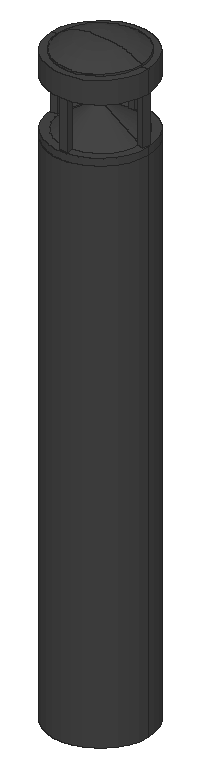
Revit family "PA7R", category Lighting Fixtures, host Face, Revit 2021
Family settings
  Host = Face
  Round Connector Dimension = Use Diameter
  Part Type = Normal
  OmniClass Number = 23.80.70.14.21
  OmniClass Title = Street and Roadway Lighting
  Cut with Voids When Loaded = No
  Light Source = Yes
  Shared = No
  Room Calculation Point = No
Parameters (values of type "PA7R")
  Wattage Comments = ""
  Wattage = 14 W
  Watt = 22 W
  built-in parameter 1150110 = 1 (stored number, unit not read)
  Voltage = 120 V
  URL = "https://www.currentlighting.com/kimlighting"
  built-in parameter 1114217 = 1 (stored number, unit not read)
  Tilt Angle = 90.00°
  built-in parameter 1150109 = 1 (stored number, unit not read)
  built-in parameter 1150134 = 2
  built-in parameter 1150113 = 1 (stored number, unit not read)
  Product Page URL = ""
  Product Documentation Link = ""
  Power Factor = 1
  Photometric Web File = "PA7R-CH1-12L-010-3K7.ies"
  Photometric Note = "More IES files download in the Photometric Web link"  # constant formula
  NU = yes
  Model = "Pavilion Impact Bollards"  # constant formula
  Manufacturer = "KIM Lighting"  # constant formula
  built-in parameter 1150105 = 94.697 (stored number, unit not read)
  Lumens = 1190 lm
  built-in parameter 1150115 = 1 (stored number, unit not read)
  Louver = no
  Load Classification = Lighting
  built-in parameter 1150137 = (empty or 0)
  built-in parameter 1150139 = (empty or 0)
  Lens Material = Glass
  Lens = no
  built-in parameter 1150112 = 1 (stored number, unit not read)
  built-in parameter 1150114 = 1 (stored number, unit not read)
  Lamp = "LED"  # constant formula
  built-in parameter 1150132 = (empty or 0)
  built-in parameter 1150102 = (empty or 0)
  built-in parameter 1150107 = 5000 (stored number, unit not read)
  built-in parameter 1150138 = (empty or 0)
  built-in parameter 1150106 = 0.94697 (stored number, unit not read)
  Grill = no
  Is Flat Top [instance] = not(Is Crowned Top)  # no
  Fixture Finish = Color : Black
  Features = "ASTM F3016 S20 Impact Rated\r\n• Elegant form factor blended with Performance Optics\r\n• 44 inch OAH S20 Impact Rated Illuminated and Non-Illuminated Bollards\r\n• IDA Dark Sky Compliant, No Up-light configuration\r\n• Bluetooth enabled RGBW accent"  # constant formula
  Emit from Circle Diameter = 5.00"  # constant formula
  Emit Shape Visible in Rendering = no
  built-in parameter 1150104 = 7.8968 (stored number, unit not read)
  Dimming Lamp Color Temperature Shift = <None>
  Description = "The Pavilion Impact Bollards are designed to protect pedestrians and property from the impact of errant or passing vehicles and are ASTM F3016 S20 rated (American Society for Testing and Materials). This is an architectural solution providing safety and security without the look of high security aesthetic.Pavilion redefines the bollard category with state of the art design, performance, and technology. An integral NEMA 3R enclosure, 2-Gang recessed box, and Bluetooth RGBW accent are just a few of the industry first features of Pavilion."  # constant formula
  Default Elevation = 48.00"
  Is Crowned Top [instance] = yes
  Contact us = ""
  Color Filter = 16777215
  built-in parameter 1114218 = 1 (stored number, unit not read)
  built-in parameter 1150133 = 10 (stored number, unit not read)
  Apparent Load = Watt / Power Factor  # 22 VA
Reference planes (in)
  plane 1 "Center (Front/Back)": y = 0
  plane 2: z = 0
  plane 3 "Center (Left/Right)": x = 0
Dimensions and locks (in)
  aligned and locked: plane 2 to host face
  aligned and locked: level to host face
  aligned and locked: plane 3 "Center (Left/Right)" to imposter light
  aligned and locked: imposter light to plane 1 "Center (Front/Back)"
  aligned and locked: plane 3 "Center (Left/Right)" to nested 1
  aligned and locked: plane 1 "Center (Front/Back)" to nested 1
Nested families (in)
  nested 1: "Color" at (0, 0, 0), type <- "Fixture Finish", Lens Filter <- "Lens Material", Grill <- "Grill", Crowned Top <- "Is Crowned Top", Lens <- "Lens", NU <- "NU", Louver <- "Louver", type "Black"
    with NU yes, Louver no, Lens Filter Glass, Lens no, Grill no, Flat Top no, Crowned Top yes
Connectors (in)
  electrical at (0, 0, 0), driven by "Voltage", driven by "Description", driven by "Load Classification", driven by "Apparent Load", driven by "Power Factor"
    settings: on nested 1, index 1, voltage 120 V, apparent load 22 VA, apparent load phase1 0 VA, apparent load phase2 0 VA, apparent load phase3 0 VA, power factor 1, load classification "Lighting", number of poles 1, system type 30, power factor state 1, is connector primary yes, connector utility no, sub classification motor no, connector description "The Pavilion Impact Bollards are designed to protect pedestrians and property from the impact of errant or passing vehicles and are ASTM F3016 S20 rated (American Society for Testing and Materials). This is an architectural solution providing safety and security without the look of high security aesthetic.Pavilion redefines the bollard category with state of the art design, performance, and technology. An integral NEMA 3R enclosure, 2-Gang recessed box, and Bluetooth RGBW accent are just a few of the industry first features of Pavilion."
Definition of nested family "Color"
  Parameters (values of type "Black")
    Wattage Comments = ""
    Voltage = 0 V
    URL = ""
    Product Page URL = ""
    Product Material = none
    Product Documentation Link = ""
    NU [instance] = yes
    Model = ""
    Manufacturer Phone = ""
    Manufacturer = ""
    Louver [instance] = yes
    Lens Filter [instance] = none
    Lamp = ""
    Grill [instance] = yes
    Flat Top [instance] = not(Crowned Top)  # no
    Dual Reflector with Cone = no
    Lens [instance] = yes
    Description = ""
    Default Elevation = 48.00"
    Crowned Top [instance] = yes
    Certifications = ""
    Apparent Load = 0 VA
  Types (7): name | Flat Top | Crowned Top
    Dark Bronze | no | yes
    Black | no | yes
    White | no | yes
    Light Gray | no | yes
    Platinum Silver | no | yes
    Titanium | no | yes
    Graphite | yes | no
  Reference planes (in)
    plane 1 "Center (Front/Back)": y = 0
    plane 2: z = 0
    plane 3 "Center (Left/Right)": x = 0
    plane 4: z = 42
    plane 5: z = 38
    plane 6: z = 40
    plane 7: x = -3.5
    plane 8: x = 3.5
    plane 9: x = -3
    plane 10: x = 3
    plane 11: z = 38.5
    plane 12: z = 44.5
  Forms (in)
    Extrusion 1, solid
      sketch origin (0, 0, 0) x (1, 0, 0) y (0, 1, 0)
        loop
          line (-48, 48) -> (-48, -48) -> (48, -48) -> (48, 48) -> (-48, 48)
      from 0 to -12
    Extrusion 2, solid, material <- "Product Material"
      sketch origin (0, 0, 0) x (1, 0, 0) y (0, 1, 0)
        loop
          circle (0, 0) r 3.5
      from 0 to 38
    Revolve 3, solid, material <- "Product Material"
      sketch origin (0, 0, 0) x (1, 0, 0) y (0, 0, 1)
        loop
          line (3, 43.58082) -> (3, 43.7) -> (0, 43.7) -> (0, 42) -> (3.5, 42) -> (3.5, 43.58082) -> (3, 43.58082)
        axis (0, 43.7) -> (0, 42)
      angle from 0 to 360
    Revolve 4, solid, material <- "Product Material", visible <- "Crowned Top"
      sketch origin (0, 0, 0) x (1, 0, 0) y (0, 0, 1)
        loop
          line (0, 43.7) -> (3, 43.7)
          arc (3, 43.7) -> (1.57534, 44.38253) -> (0, 44.5) r 4.26729
          line (0, 44.5) -> (0, 43.7)
        axis (0, 44.5) -> (0, 43.7)
      angle from 0 to 360
    Extrusion 5, solid, material <- "Product Material"
      sketch origin (0, 0, 0) x (1, 0, 0) y (0, 1, 0)
        loop
          line (-0.28555, 3.34905) -> (-0.20591, 2.89739) -> (0.20591, 2.89739) -> (0.28555, 3.34905) -> (-0.28555, 3.34905)
        loop
          line (-0.28555, -3.34905) -> (0.28555, -3.34905) -> (0.20591, -2.89739) -> (-0.20591, -2.89739) -> (-0.28555, -3.34905)
        loop
          line (-3.34905, -0.28555) -> (-2.89739, -0.20591) -> (-2.89739, 0.20591) -> (-3.34905, 0.28555) -> (-3.34905, -0.28555)
        loop
          line (3.34905, -0.28555) -> (3.34905, 0.28555) -> (2.89739, 0.20591) -> (2.89739, -0.20591) -> (3.34905, -0.28555)
      from 38.5 to 42
    Extrusion 6, void
      sketch origin (0, 0, 0) x (1, 0, 0) y (0, 1, 0)
        loop
          circle (0, 0) r 2.62772
      from 42 to 40.35958
    Extrusion 7, solid, material <- "Lens Filter", visible <- "Lens"
      sketch origin (0, 0, 0) x (1, 0, 0) y (0, 1, 0)
        loop
          circle (0, 0) r 2.8479
        loop
          circle (0, 0) r 2.75
      from 38.5 to 42
    Extrusion 8, solid, material <- "Product Material"
      sketch origin (0, 0, 0) x (1, 0, 0) y (0, 1, 0)
        loop
          circle (0, 0) r 3.5
      from 38 to 38.5
    Revolve 9, solid, material <- "Product Material", visible <- "Grill"
      sketch origin (0, 0, 0) x (1, 0, 0) y (0, 0, 1)
        loop
          line (3, 41.49953) -> (3, 41.34262) -> (3.25, 41.34262) -> (3.25, 41.49953) -> (3, 41.49953)
        loop
          line (3, 40.43703) -> (3, 40.28012) -> (3.25, 40.28012) -> (3.25, 40.43703) -> (3, 40.43703)
        loop
          line (3, 39.30972) -> (3, 39.15281) -> (3.25, 39.15281) -> (3.25, 39.30972) -> (3, 39.30972)
        axis (0, 41.49953) -> (0, 39.15281)
      angle from 0 to 360
    Revolve 10, solid, material <- "Product Material", visible <- "NU"
      sketch origin (0, 0, 0) x (1, 0, 0) y (0, 0, 1)
        loop
          line (0, 38.5) -> (2.89739, 38.5) -> (0, 40.43703) -> (0, 38.5)
        axis (0, 40.43703) -> (0, 38.5)
      angle from 0 to 360
    Sweep 11, solid, material <- "Product Material", visible <- "Louver"
      path origin (0, 0, 0) x (1, 0, 0) y (0, 1, 0)
        loop
          circle (0, 0) r 3.5
      profile origin (0, 3.5, 0) x (0, -1, 0) y (0, 0, 1)
        loop
          line (-0.42338, 38.43055) -> (-0.34445, 38.35162) -> (0.18588, 38.88195) -> (0.10695, 38.96088) -> (-0.42338, 38.43055)
        loop
          line (-0.42338, 39.05555) -> (-0.34445, 38.97662) -> (0.18588, 39.50695) -> (0.10695, 39.58588) -> (-0.42338, 39.05555)
        loop
          line (-0.42338, 39.61805) -> (-0.34445, 39.53912) -> (0.18588, 40.06945) -> (0.10695, 40.14838) -> (-0.42338, 39.61805)
        loop
          line (-0.42338, 40.24305) -> (-0.34445, 40.16412) -> (0.18588, 40.69445) -> (0.10695, 40.77338) -> (-0.42338, 40.24305)
        loop
          line (-0.42338, 40.86805) -> (-0.34445, 40.78912) -> (0.18588, 41.31945) -> (0.10695, 41.39838) -> (-0.42338, 40.86805)
        loop
          line (-0.42338, 41.43055) -> (-0.34445, 41.35162) -> (0.18588, 41.88195) -> (0.10695, 41.96088) -> (-0.42338, 41.43055)
  Cuts and joins
    Extrusion 6 cuts Extrusion 2
    Extrusion 6 cuts Revolve 3
  Dimensions and locks (in)
    locked: plane 4 to plane 5 at 4
    equal spacing: plane 4, plane 6, plane 5
    equal spacing: plane 7, plane 3 "Center (Left/Right)", plane 8
    equal spacing: plane 9, plane 3 "Center (Left/Right)", plane 10
    plane 5 to level = 38.00"
    locked: plane 11 to plane 5 at 0.5
    plane 12 to plane 5 = 6.50"
    aligned and locked: plane 2 to Extrusion 1
    aligned and locked: level to Extrusion 1
    aligned and locked: plane 5 to Extrusion 2
    aligned and locked: Extrusion 2 to level
    aligned and locked: plane 3 "Center (Left/Right)" to Extrusion 2 sketch curve
    aligned and locked: plane 1 "Center (Front/Back)" to Extrusion 2 sketch curve
    aligned and locked: Revolve 3 sketch curve to plane 3 "Center (Left/Right)"
    aligned and locked: plane 10 to Revolve 3 sketch curve
    aligned and locked: Revolve 3 sketch curve to plane 8
    aligned and locked: plane 4 to Revolve 3 sketch curve
    aligned and locked: plane 3 "Center (Left/Right)" to Revolve 3 sketch curve
    aligned and locked: Revolve 4 sketch curve to plane 3 "Center (Left/Right)"
    aligned and locked: plane 4 to Extrusion 5
    aligned and locked: Extrusion 6 to plane 4
    aligned and locked: plane 4 to Extrusion 7
    aligned and locked: plane 11 to Extrusion 8
    aligned and locked: Extrusion 8 to plane 5
    aligned and locked: Extrusion 5 to plane 11
    aligned and locked: Extrusion 5 to Extrusion 7
  Automatic sketch dimensions
    Extrusion 1 sketch curve to Extrusion 1 sketch curve = 96.00"  (x2)
    Revolve 3 sketch curve to plane 4 = 0.65735"
    Extrusion 5 sketch curve to plane 7 = 0.15095"
    Extrusion 5 sketch curve to plane 3 "Center (Left/Right)" = 0.28555"  (x2)
    plane 1 "Center (Front/Back)" to Extrusion 5 sketch curve = 3.34905"
    Extrusion 5 sketch curve to plane 9 = 0.10261"
    Extrusion 5 sketch curve to plane 3 "Center (Left/Right)" = 0.20591"  (x2)
    plane 3 "Center (Left/Right)" to Extrusion 5 sketch curve = 0.20591"  (x2)
    plane 3 "Center (Left/Right)" to Extrusion 5 sketch curve = 0.28555"  (x2)
    Extrusion 5 sketch curve to plane 10 = 0.10261"
    Extrusion 5 sketch curve to plane 8 = 0.15095"
    Extrusion 5 sketch curve to Extrusion 5 sketch curve = 0.45166"  (x2)
    plane 1 "Center (Front/Back)" to Extrusion 5 sketch curve = 0.28555"  (x2)
    plane 1 "Center (Front/Back)" to Extrusion 5 sketch curve = 0.20591"  (x2)
    Extrusion 5 sketch curve to plane 1 "Center (Front/Back)" = 0.20591"  (x2)
    Extrusion 5 sketch curve to plane 1 "Center (Front/Back)" = 0.28555"  (x2)
    Extrusion 5 sketch curve to plane 1 "Center (Front/Back)" = 2.89739"
    plane 1 "Center (Front/Back)" to Extrusion 6 sketch curve = 0.00"
    Extrusion 6 sketch curve to plane 3 "Center (Left/Right)" = 0.00"
    Extrusion 7 sketch curve to Extrusion 7 sketch curve = 0.00"  (x2)
    plane 1 "Center (Front/Back)" to Extrusion 7 sketch curve = 0.00"
    Extrusion 7 sketch curve to plane 3 "Center (Left/Right)" = 0.00"
    plane 1 "Center (Front/Back)" to Extrusion 8 sketch curve = 0.00"
    Extrusion 8 sketch curve to plane 3 "Center (Left/Right)" = 0.00"
    Revolve 9 sketch curve to plane 10 = 0.00"  (x3)
    plane 11 to Revolve 9 sketch curve = 0.65281"
    Revolve 9 sketch curve to plane 3 "Center (Left/Right)" = 0.00"
    Revolve 9 sketch curve to plane 8 = 0.25"  (x3)
    Revolve 9 sketch curve to Revolve 9 sketch curve = 0.15691"  (x3)
    plane 6 to Revolve 9 sketch curve = 0.28012"
    Revolve 9 sketch curve to plane 4 = 0.65738"
    Revolve 9 sketch curve to plane 5 = 0.58099"
    Revolve 3 sketch curve to Revolve 3 sketch curve = 2.7573"
    Revolve 3 sketch curve to Revolve 3 sketch curve = 1.58082"
    Revolve 3 sketch curve to Revolve 3 sketch curve = 0.11918"
    plane 4 to Revolve 9 sketch curve = 1.24953"
    Revolve 4 sketch curve to plane 3 "Center (Left/Right)" = 0.00"
    Revolve 4 sketch curve to plane 10 = 0.00"
    Revolve 4 sketch curve to plane 12 = 0.00"  (x2)
    plane 6 to Revolve 4 sketch curve = 0.25933"
    plane 3 "Center (Left/Right)" to Revolve 4 sketch curve = 0.47582"
    plane 6 to Revolve 4 sketch curve = 0.45"
    Revolve 10 sketch curve to plane 3 "Center (Left/Right)" = 0.00"  (x2)
    Revolve 10 sketch curve to plane 11 = 0.00"
    Revolve 10 sketch curve to plane 10 = 0.10261"
    Revolve 10 sketch curve to level = 24.00"
    plane 6 to Revolve 10 sketch curve = 0.43703"
    plane 12 to Revolve 10 sketch curve = 58.21882"
    plane 1 "Center (Front/Back)" to Sweep 11 sketch curve = 0.00"
    Sweep 11 sketch curve to plane 3 "Center (Left/Right)" = 0.00"
    level to Sweep 11 sketch curve = 38.43055"
    profile plane to Sweep 11 sketch curve = 0.42338"  (x6)
    Sweep 11 sketch curve to Sweep 11 sketch curve = 0.07892"  (x11)
    level to Sweep 11 sketch curve = 38.35162"
    Sweep 11 sketch curve to profile plane = 0.10695"  (x6)
    Sweep 11 sketch curve to Sweep 11 sketch curve = 0.01575"  (x3)
    Sweep 11 sketch curve to Sweep 11 sketch curve = 0.04675"  (x2)
    radius of Extrusion 2 sketch curve = 3.50"
    radius of Extrusion 6 sketch curve = 2.62772"
    radius of Extrusion 7 sketch curve = 2.8479"
    radius of Extrusion 7 sketch curve = 2.75"
    radius of Extrusion 8 sketch curve = 3.50"
    radius of Sweep 11 sketch curve = 3.50"
